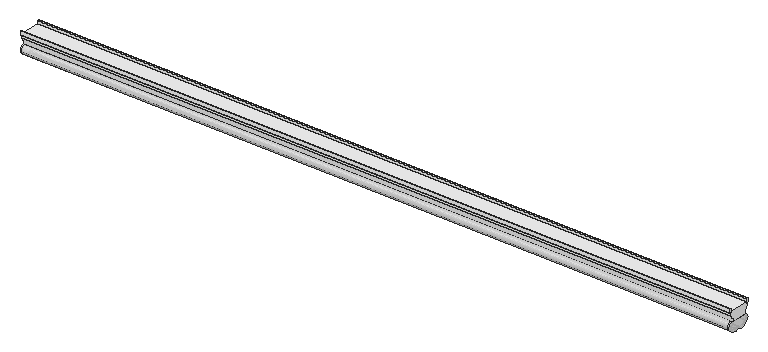
Revit family
Parameters (values of type "L1522 47W LED Dimmable")
  Width = 51 mm
  Wattage = 34.9733 W
  Voltage = 230  # constant formula
  URL = "http://www.zumtobel.com/42181885"
  built-in parameter 1150110 = 1 (stored number, unit not read)
  Cover = Zumtobel_Lamp_Self_llumination_Opaque
  Body = Zumtobel_Metal_White
  Apparent Load = 47 VA
  Model = "42181885"
  built-in parameter 1114217 = 1 (stored number, unit not read)
  Tilt Angle = 90.00°
  built-in parameter 1150109 = 1 (stored number, unit not read)
  built-in parameter 1150134 = 12
  Suspension Height [instance] = 500 mm
  built-in parameter 1150113 = 1 (stored number, unit not read)
  Length = 1522 mm
  Lamp = "LED"
  Wattage Comments = "230"
  Manufacturer = "Zumtobel Ligthing"  # constant formula
  Photometric Web File = "D32716AA_TECTON_A_BASIC_L1522_47W_LED840.IES"
  built-in parameter 1150105 = 413.4 (stored number, unit not read)
  Lumens = 5195 lm
  built-in parameter 1150115 = 1 (stored number, unit not read)
  built-in parameter 1150137 = (empty or 0)
  built-in parameter 1150139 = (empty or 0)
  built-in parameter 1150112 = 1 (stored number, unit not read)
  built-in parameter 1150114 = 1 (stored number, unit not read)
  built-in parameter 1150132 = 2
  Description = "Single luminaire"  # constant formula
  Assembly Code = ""
  built-in parameter 1150102 = (empty or 0)
  built-in parameter 1150107 = 4000 (stored number, unit not read)
  built-in parameter 1150138 = (empty or 0)
  built-in parameter 1150106 = 4.134 (stored number, unit not read)
  Emit from Line Length = 45 mm  # constant formula
  built-in parameter 1150104 = 13.8 (stored number, unit not read)
  Dimming Lamp Color Temperature Shift = (empty or 0)
  Color Filter = 16777215
  built-in parameter 1114218 = 1 (stored number, unit not read)
  built-in parameter 1150133 = 10 (stored number, unit not read)
Reference planes
  plane 1 "Light Source Axis (F/B)": y = -218.644
  plane 2: z = 0
  plane 3 "Light Source Axis (L/R)": x = -74.924
  plane 4 "Light Source Elevation": z = -530
  plane 5 "Bottom": z = 0
  plane 6 "Left": x = -835.924
  plane 7 "Right": x = 686.076
  plane 8: z = -500
  plane 9 "Axis Lamp": z = -530
  plane 10 "Lamp Left": x = -832.924
  plane 11 "Lamp Right": x = 683.076
  plane 12: y = -178.665
  plane 13: y = -258.622
  plane 14: z = -546
Forms (mm)
  Extrusion 1, solid, material "Zumtobel_Lamp_Self_llumination_Opaque" <- "Cover"
    sketch origin (-74.924, 0, -8.526) x (0, 1, 0) y (0, 0, 1)
      loop
        arc (-195.661, -529.816) -> (-193.614, -519.235) -> (-203.013, -513.963) r 9.205
        line (-203.013, -513.963) -> (-234.275, -513.963)
        arc (-234.275, -513.963) -> (-243.673, -519.235) -> (-241.627, -529.816) r 9.205
        arc (-241.627, -529.816) -> (-234.774, -534.634) -> (-226.849, -537.346) r 29.68
        arc (-226.849, -537.346) -> (-221.909, -536.542) -> (-218.644, -532.751) r 7.311
        arc (-218.644, -532.751) -> (-215.378, -536.542) -> (-210.439, -537.346) r 7.311
        arc (-210.439, -537.346) -> (-202.513, -534.634) -> (-195.661, -529.816) r 29.68
      loop
        arc (-197.715, -527.63) -> (-196.368, -520.428) -> (-202.824, -516.963) r 6.205
        line (-202.824, -516.963) -> (-234.463, -516.963)
        arc (-234.463, -516.963) -> (-240.919, -520.428) -> (-239.572, -527.63) r 6.205
        arc (-239.572, -527.63) -> (-233.412, -531.961) -> (-226.288, -534.398) r 26.68
        arc (-226.288, -534.398) -> (-224.387, -534.333) -> (-222.7, -533.457) r 4.311
        line (-222.7, -533.457) -> (-218.607, -530) -> (-214.617, -533.432)
        arc (-214.617, -533.432) -> (-212.918, -534.328) -> (-210.999, -534.398) r 4.311
        arc (-210.999, -534.398) -> (-203.875, -531.961) -> (-197.715, -527.63) r 26.68
    from -758 to 758
  Extrusion 2, solid, material "Zumtobel_Metal_White" <- "Body"
    sketch origin (-74.924, 0, -8.526) x (0, 1, 0) y (0, 0, 1)
      loop
        line (-199.668, -499.062) -> (-196.834, -499.062) -> (-196.834, -495.965) -> (-200.06, -495.965) -> (-200.06, -492.955) -> (-194.176, -492.955) -> (-194.176, -485.726) -> (-196.834, -485.726) -> (-196.834, -491.474) -> (-240.454, -491.474) -> (-240.454, -485.726) -> (-243.111, -485.726) -> (-243.111, -492.955) -> (-237.227, -492.955) -> (-237.227, -495.965) -> (-240.454, -495.965) -> (-240.454, -499.062) -> (-237.619, -499.062) -> (-235.525, -513.963) -> (-201.763, -513.963) -> (-199.668, -499.062)
    from -761 to 761
  Extrusion 3, solid, material "Zumtobel_Lamp_Self_llumination_Opaque" <- "Cover"
    sketch origin (686.076, 0, -8.526) x (0, 0, 1) y (0, -1, 0)
      loop
        arc (-529.816, 195.661) -> (-519.241, 193.619) -> (-513.983, 203.019) r 9.195
        line (-513.983, 203.019) -> (-513.983, 234.268)
        arc (-513.983, 234.268) -> (-519.241, 243.668) -> (-529.816, 241.627) r 9.195
        arc (-529.816, 241.627) -> (-534.634, 234.774) -> (-537.346, 226.849) r 29.68
        arc (-537.346, 226.849) -> (-536.542, 221.909) -> (-532.751, 218.644) r 7.311
        arc (-532.751, 218.644) -> (-536.542, 215.378) -> (-537.346, 210.439) r 7.311
        arc (-537.346, 210.439) -> (-534.634, 202.513) -> (-529.816, 195.661) r 29.68
    from 0 to -3
  Extrusion 4, solid, material "Zumtobel_Lamp_Self_llumination_Opaque" <- "Cover"
    sketch origin (-835.924, 0, -8.526) x (0, 0, 1) y (0, -1, 0)
      loop
        arc (-529.816, 195.661) -> (-519.241, 193.619) -> (-513.983, 203.019) r 9.195
        line (-513.983, 203.019) -> (-513.983, 234.268)
        arc (-513.983, 234.268) -> (-519.241, 243.668) -> (-529.816, 241.627) r 9.195
        arc (-529.816, 241.627) -> (-534.634, 234.774) -> (-537.346, 226.849) r 29.68
        arc (-537.346, 226.849) -> (-536.542, 221.909) -> (-532.751, 218.644) r 7.311
        arc (-532.751, 218.644) -> (-536.542, 215.378) -> (-537.346, 210.439) r 7.311
        arc (-537.346, 210.439) -> (-534.634, 202.513) -> (-529.816, 195.661) r 29.68
    from 0 to 3
Cuts and joins
  joined: Extrusion 1, Extrusion 3, Extrusion 4
Dimensions and locks
  equal spacing: plane 7 "Right", plane 3 "Light Source Axis (L/R)", plane 6 "Left"
  "Length": plane 7 "Right" to plane 6 "Left"
  "Suspension Height": plane 5 "Bottom" to plane 8
  locked: plane 8 to plane 9 "Axis Lamp" at 30
  locked: plane 7 "Right" to plane 11 "Lamp Right" at 3
  locked: plane 10 "Lamp Left" to plane 6 "Left" at 3
  aligned: plane 3 "Light Source Axis (L/R)" to imposter light
  aligned: plane 1 "Light Source Axis (F/B)" to imposter light
  aligned and locked: plane 4 "Light Source Elevation" to imposter light
  aligned and locked: plane 5 "Bottom" to level
  aligned and locked: plane 9 "Axis Lamp" to plane 4 "Light Source Elevation"
  aligned: Extrusion 1 to plane 6 "Left"
  aligned: plane 7 "Right" to Extrusion 1
  aligned and locked: imposter light to plane 3 "Light Source Axis (L/R)"
  aligned and locked: imposter light to plane 1 "Light Source Axis (F/B)"
  aligned and locked: Extrusion 1 to plane 11 "Lamp Right"
  aligned and locked: Extrusion 1 to plane 10 "Lamp Left"
Automatic sketch dimensions
  Extrusion 1 sketch curve to Extrusion 1 sketch curve = 0 mm  (x18)
  Extrusion 1 sketch curve to plane 1 "Light Source Axis (F/B)" = 0 mm
  plane 4 "Light Source Elevation" to Extrusion 1 sketch curve = 8.526 mm
  plane 1 "Light Source Axis (F/B)" to Extrusion 1 sketch curve = 2.656 mm
  plane 1 "Light Source Axis (F/B)" to Extrusion 1 sketch curve = 4.056 mm
  plane 4 "Light Source Elevation" to Extrusion 1 sketch curve = 8.689 mm  (x2)
  Extrusion 1 sketch curve to Extrusion 1 sketch curve = 2.782 mm
  Extrusion 1 sketch curve to Extrusion 1 sketch curve = 3.588 mm
  Extrusion 1 sketch curve to Extrusion 1 sketch curve = 0.561 mm  (x2)
  Extrusion 1 sketch curve to Extrusion 1 sketch curve = 12.975 mm  (x2)
  Extrusion 1 sketch curve to Extrusion 1 sketch curve = 0.188 mm  (x2)
  Extrusion 1 sketch curve to Extrusion 1 sketch curve = 0.859 mm  (x2)
  plane 4 "Light Source Elevation" to Extrusion 1 sketch curve = 6.155 mm  (x2)
  Extrusion 1 sketch curve to Extrusion 1 sketch curve = 4.25 mm
  Extrusion 1 sketch curve to plane 1 "Light Source Axis (F/B)" = 0.036 mm
  Extrusion 1 sketch curve to plane 1 "Light Source Axis (F/B)" = 2.656 mm
  Extrusion 1 sketch curve to plane 1 "Light Source Axis (F/B)" = 4.027 mm
  Extrusion 1 sketch curve to Extrusion 1 sketch curve = 2.811 mm
  Extrusion 1 sketch curve to Extrusion 1 sketch curve = 3.617 mm
  Extrusion 3 sketch curve to plane 1 "Light Source Axis (F/B)" = 0 mm
  plane 4 "Light Source Elevation" to Extrusion 3 sketch curve = 15.871 mm  (x2)
  Extrusion 3 sketch curve to Extrusion 3 sketch curve = 0 mm  (x5)
  plane 4 "Light Source Elevation" to Extrusion 3 sketch curve = 11.276 mm
  plane 4 "Light Source Elevation" to Extrusion 3 sketch curve = 8.689 mm  (x2)
  plane 4 "Light Source Elevation" to Extrusion 3 sketch curve = 8.341 mm  (x2)
  plane 4 "Light Source Elevation" to Extrusion 3 sketch curve = 1.641 mm  (x2)
  Extrusion 3 sketch curve to Extrusion 3 sketch curve = 9.133 mm
  Extrusion 3 sketch curve to plane 1 "Light Source Axis (F/B)" = 2.656 mm
  Extrusion 3 sketch curve to plane 8 = 16.714 mm
  plane 1 "Light Source Axis (F/B)" to Extrusion 3 sketch curve = 2.656 mm
  Extrusion 4 sketch curve to plane 1 "Light Source Axis (F/B)" = 0 mm
  plane 4 "Light Source Elevation" to Extrusion 4 sketch curve = 15.871 mm  (x2)
  Extrusion 4 sketch curve to Extrusion 4 sketch curve = 0 mm  (x5)
  plane 4 "Light Source Elevation" to Extrusion 4 sketch curve = 11.276 mm
  plane 4 "Light Source Elevation" to Extrusion 4 sketch curve = 8.689 mm  (x2)
  plane 4 "Light Source Elevation" to Extrusion 4 sketch curve = 8.341 mm  (x2)
  plane 4 "Light Source Elevation" to Extrusion 4 sketch curve = 1.641 mm  (x2)
  Extrusion 4 sketch curve to Extrusion 4 sketch curve = 9.133 mm
  Extrusion 4 sketch curve to plane 1 "Light Source Axis (F/B)" = 2.656 mm
  Extrusion 4 sketch curve to plane 8 = 16.714 mm
  plane 1 "Light Source Axis (F/B)" to Extrusion 4 sketch curve = 2.656 mm
  Extrusion 2 sketch curve to plane 8 = 0 mm
  plane 8 to Extrusion 2 sketch curve = 5.748 mm
  Extrusion 2 sketch curve to plane 13 = 15.511 mm
  Extrusion 2 sketch curve to Extrusion 2 sketch curve = 2.658 mm  (x3)
  Extrusion 2 sketch curve to Extrusion 2 sketch curve = 2.835 mm  (x2)
  Extrusion 2 sketch curve to Extrusion 2 sketch curve = 0.392 mm  (x2)
  Extrusion 2 sketch curve to plane 4 "Light Source Elevation" = 7.512 mm
  Extrusion 2 sketch curve to Extrusion 2 sketch curve = 2.094 mm
  Extrusion 2 sketch curve to plane 1 "Light Source Axis (F/B)" = 16.881 mm
  Extrusion 2 sketch curve to plane 8 = 4.491 mm
  Extrusion 2 sketch curve to Extrusion 2 sketch curve = 1.702 mm
  Extrusion 2 sketch curve to Extrusion 2 sketch curve = 3.227 mm
  Extrusion 2 sketch curve to plane 8 = 1.48 mm  (x2)
  Extrusion 2 sketch curve to Extrusion 2 sketch curve = 3.097 mm  (x2)
  Extrusion 2 sketch curve to plane 8 = 7.588 mm
  Extrusion 2 sketch curve to Extrusion 2 sketch curve = 5.748 mm
